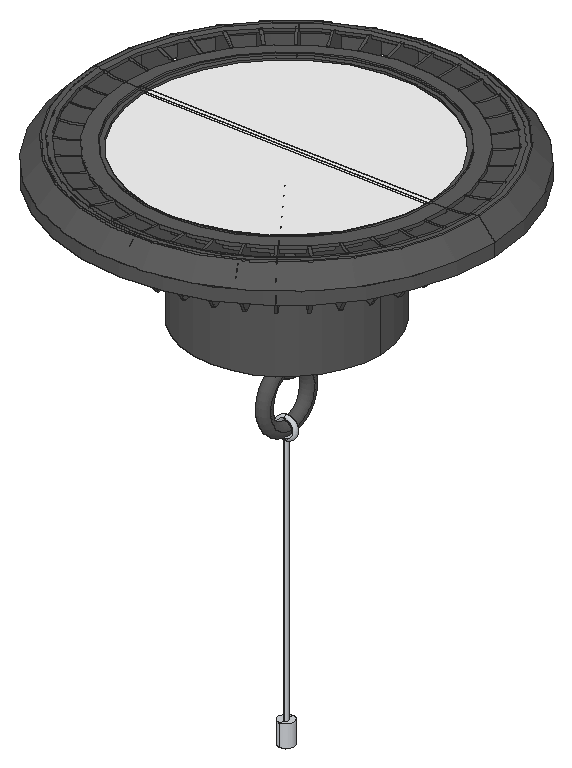
Revit family "0039362 Sylvania Lighting Fixture START HighBay IP65 DALI 13000lm 840 MB pendant", category Lighting Fixtures, host Face, Revit 2017
Family settings
  Host = Face
  Round Connector Dimension = Use Diameter
  Part Type = Normal
  OmniClass Number = 23.80.70.00
  OmniClass Title = Lighting
  Cut with Voids When Loaded = No
  Light Source = Yes
  Shared = No
  Room Calculation Point = No
Parameters (values of type "0039362 START HighBay IP65 DALI 13000lm 840 MB")
  WidthStraight_FEILO = if(SizeS_FEILO, 3 mm, if(SizeM_FEILO, 4 mm, 4.7 mm))  # 3 mm
  WidthRingChamfer_FEILO = if(SizeS_FEILO, 10.3 mm, if(SizeM_FEILO, 11.2 mm, 12.9 mm))  # 10.3 mm
  WidthCurved_FEILO = if(SizeS_FEILO, 17.4 mm, if(SizeM_FEILO, 16.4 mm, 26.2 mm))  # 17.4 mm
  WidthCurvedRing_FEILO = if(SizeS_FEILO, 3 mm, if(SizeM_FEILO, 4 mm, 4.7 mm))  # 3 mm
  WidthBracket_FEILO = 40 mm
  Weight = "3.0 kg"
  Wattage Comments = ""
  Wattage = 90 W
  WarrantyStartDate [instance] = "n/a"
  WarrantyGuarantorParts = "n/a"
  WarrantyDurationUnit = "n/a"
  WarrantyDurationParts = "n/a"
  WarrantyDescription = "n/a"
  built-in parameter 1150110 = 1 (stored number, unit not read)
  Voltage = 0 V
  VisibilityBracket_FEILO = no
  URL = "http://www.sylvania-lighting.com"
  TypeName = "START HighBay IP65 DALI 13000lm 840 MB"
  Type Image = <None>
  Type Comments = "n/a"
  built-in parameter 1114217 = 1 (stored number, unit not read)
  Tilt Angle = -90.00°
  ThicknessWall_FEILO = 1.5 mm
  ThicknessBracket_FEILO = 1.5 mm
  ThicknessBracketHalf_FEILO = ThicknessBracket_FEILO / 2  # 0.75 mm
  built-in parameter 1150109 = 1 (stored number, unit not read)
  built-in parameter 1150134 = 12
  SuspensionHeight_FEILO [instance] = 350 mm
  built-in parameter 1150113 = 1 (stored number, unit not read)
  SizeS_FEILO = yes
  SizeM_FEILO = no
  SerialNumber [instance] = "n/a"
  Rib4_FEILO = if(SizeS_FEILO, 18.1 mm, if(SizeM_FEILO, 13.6 mm, 14.6 mm))  # 18.1 mm
  Rib3_FEILO = if(SizeS_FEILO, 15.3 mm, if(SizeM_FEILO, 17.6 mm, 20.2 mm))  # 15.3 mm
  Rib2_FEILO = if(SizeS_FEILO, 3.6 mm, if(SizeM_FEILO, 3.9 mm, 4.5 mm))  # 3.6 mm
  Rib1_FEILO = if(SizeS_FEILO, 15.1 mm, if(SizeM_FEILO, 16.5 mm, 19 mm))  # 15.1 mm
  RadiusDiffuser_FEILO = if(SizeS_FEILO, 95.2 mm, if(SizeM_FEILO, 105.3 mm, 120 mm))  # 95.2 mm
  RadiusArrayPost_FEILO = DriverRadius_FEILO - 6 mm  # 55.4 mm
  RHRadius3_FEILO = if(SizeS_FEILO, 6.6 mm, if(SizeM_FEILO, 7.4 mm, 8.6 mm))  # 6.6 mm
  RHRadius2_FEILO = if(SizeS_FEILO, 11 mm, if(SizeM_FEILO, 12 mm, 14 mm))  # 11 mm
  RHRadius1_FEILO = if(SizeS_FEILO, 13.6 mm, if(SizeM_FEILO, 14.9 mm, 17.7 mm))  # 13.6 mm
  RHHeight4_FEILO = if(SizeS_FEILO, 7.3 mm, if(SizeM_FEILO, 8 mm, 9.2 mm))  # 7.3 mm
  RHHeight3_FEILO = if(SizeS_FEILO, 3.6 mm, if(SizeM_FEILO, 3.7 mm, 4.6 mm))  # 3.6 mm
  RHHeight2_FEILO = if(SizeS_FEILO, 2 mm, if(SizeM_FEILO, 2.2 mm, 2.6 mm))  # 2 mm
  RHHeight1_FEILO = if(SizeS_FEILO, 11.8 mm, if(SizeM_FEILO, 15.3 mm, 17.4 mm))  # 11.8 mm
  Photometric Web File = "0039362.ies"
  Material_3_FEILO = LED-Sylvania-StartHighbay-Glow
  PowerFactor = 0.95
  PowerConsumption = "90 W"
  NominalLength = 270 mm
  NominalHeight = 175 mm
  NominalDepth = 270 mm
  Name = "START HighBay IP65 DALI 13000lm 840 MB"
  ModelReference = Name  # "START HighBay IP65 DALI 13000lm 840 MB"
  ModelNumber = "0039362"
  Model = Name  # "START HighBay IP65 DALI 13000lm 840 MB"
  Material = "aluminium alloy housing, polycarbonate diffuser"
  ManufacturerName = "Feilo Sylvania"
  Manufacturer = "Feilo Sylvania"
  LuminousEfficacy = "130 lm/W"
  built-in parameter 1150105 = 931.06 (stored number, unit not read)
  Lumens = 11700 lm
  LuminaireType = ""
  built-in parameter 1150115 = 1 (stored number, unit not read)
  LightOutputRatio = "n/a"
  built-in parameter 1150137 = (empty or 0)
  built-in parameter 1150139 = (empty or 0)
  LampsType = Lamp  # "LED"
  LampNominalLuminous = "11700 lm"
  LampMacAdamStep = "6"
  LampColourTemperature = "4000 K"
  LampColourRenderingIndex = "80"
  built-in parameter 1150112 = 1 (stored number, unit not read)
  built-in parameter 1150114 = 1 (stored number, unit not read)
  Lamp = "LED"
  Keynote = "16500"
  InstallationDate [instance] = "n/a"
  InputVoltage = "n/a"
  InputNominalFrequency = "50/60 Hz"
  built-in parameter 1150132 = (empty or 0)
  built-in parameter 1150102 = (empty or 0)
  built-in parameter 1150107 = 4000 (stored number, unit not read)
  built-in parameter 1150138 = (empty or 0)
  IngressProtection = "IP65"
  ImpactProtectionIndex = "IK08"
  built-in parameter 1150106 = 9.3106 (stored number, unit not read)
  IfcExportType = "IfcLightFixtureType"
  IfcExportAs = "IfcLightFixtureType"
  HeightRing_FEILO = if(SizeS_FEILO, 19.8 mm, if(SizeM_FEILO, 32 mm, 36.8 mm))  # 19.8 mm
  HeightRingChamfer_FEILO = if(SizeS_FEILO, 11.7 mm, if(SizeM_FEILO, 23.2 mm, 26.6 mm))  # 11.7 mm
  EyeThickness_FEILO = if(SizeS_FEILO, 8.4 mm, if(SizeM_FEILO, 9.2 mm, 10.5 mm))  # 8.4 mm
  EyeThicknessHalf_FEILO = EyeThickness_FEILO / 2  # 4.2 mm
  EyeInner_FEILO = if(SizeS_FEILO, 13.8 mm, if(SizeM_FEILO, 15.1 mm, 17.3 mm))  # 13.8 mm
  ExpectedLife = 50000
  Emit from Circle Diameter = RadiusDiffuser_FEILO * 2  # 190.4 mm
  Emit Shape Visible in Rendering = no
  ElectricShockClassification = "Class I"
  built-in parameter 1150104 = 12.077 (stored number, unit not read)
  DurationUnit = "hours"
  DriverVerticalStraight_FEILO = if(SizeS_FEILO, 46.5 mm, if(SizeM_FEILO, 49.7 mm, 57 mm))  # 46.5 mm
  DriverVerticalChamfer_FEILO = if(SizeS_FEILO, 7.5 mm, if(SizeM_FEILO, 8.2 mm, 9.5 mm))  # 7.5 mm
  DriverRadius_FEILO = if(SizeS_FEILO, 61.4 mm, if(SizeM_FEILO, 67.2 mm, 76.4 mm))  # 61.4 mm
  DriverRadiusTop_FEILO = if(SizeS_FEILO, 42 mm, if(SizeM_FEILO, 45.3 mm, 52.4 mm))  # 42 mm
  DriverBottom_FEILO = if(SizeS_FEILO, 56 mm, if(SizeM_FEILO, 64.5 mm, 74 mm))  # 56 mm
  DocumentationLiterature = "http://www.sylvania-lighting.com/product/en-int/products/0039362"
  DimmingControlOptions = "Dimmable"
  Material_2_FEILO = Diffuser-Sylvania-StartHighbay-Transparent
  Radius_FEILO = if(SizeS_FEILO, 135 mm, if(SizeM_FEILO, 148 mm, 169.5 mm))  # 135 mm
  Dimming Lamp Color Temperature Shift = <None>
  DiameterWire_FEILO = 3 mm
  DiameterWireSupport_FEILO = 10 mm
  Description = "START Highbay, includes 1 m cables, black aluminium housing, 11,700 Lm, 90 W, 130 Lm/W, 4000 K, drive current: 2000 mA, CRI 80, 60° beam angle, DALI dimmable, IP65, IK08, 50,000 hrs (L80/B50), (D x H) 270 x 175 mm."
  Default Elevation = 1219.2 mm
  CreatedOn = "5/15/2018"
  CreatedBy = ""
  Cost = 0
  Color Filter = 16777215
  built-in parameter 1114216 [instance] = (empty or 0)
  ClassificationValue = "EF_70_80"
  ClassificationName = "Uniclass2015"
  Material_1_FEILO = Body-Sylvania-StartHighbay-Black
  BarCode [instance] = "n/a"
  built-in parameter 1114218 = 1 (stored number, unit not read)
  built-in parameter 1150133 = 10 (stored number, unit not read)
  AssetType = "Fixed"
  AssetIdentifier [instance] = "n/a"
  Assembly Code = "D5020200"
  Apparent Load = 90 VA
  Material_4_FEILO = none
Reference planes
  plane 1 "Center (Front/Back)": y = 0
  plane 2: z = 0
  plane 3 "Center (Left/Right)": x = 0
  plane 4: z = 350
  plane 5: x = -135
  plane 6: x = -124.7
  plane 7: z = 338.3
  plane 8: z = 330.2
  plane 9: x = -121.7
  plane 10: z = 347.375
  plane 11: x = -104.3
  plane 12: x = -95.2
  plane 13: x = -118.7
  plane 14: z = 348.375
  plane 15: z = 346.375
  plane 16: x = -92.2
  plane 17: z = 345.375
  plane 18: x = -133.5
  plane 19: x = -119.9
  plane 20: z = 326.6
  plane 21: x = -104.6
  plane 22: z = 308.5
  plane 23: x = -20
  plane 24: z = 294
  plane 25: x = -61.4
  plane 26: z = 247.5
  plane 27: x = -42
  plane 28: z = 240
  plane 29: x = -13.6
  plane 30: z = 228.2
  plane 31: z = 226.2
  plane 32: x = -11
  plane 33: z = 222.6
  plane 34: z = 215.3
  plane 35: x = -6.6
  plane 36: z = 201.5
  plane 37: z = 187.7
  plane 38: x = 4.2
  plane 39: x = -4.2
  plane 40: z = 179.3
  plane 41: z = 183.5
  plane 42: x = -129.1
  plane 43: x = -132.5
  plane 44: z = 328.7
  plane 45: x = -123.2
  plane 46: z = 270.75
  plane 47: y = -20
  plane 48: y = 20
  plane 49: x = 135
  plane 50: x = 124.7
  plane 51: x = 133.5
  plane 52: x = 129.1
  plane 53: x = 132.5
  plane 54: x = 123.2
  plane 55: z = 190.7
  plane 56: y = 1.5
  plane 57: y = -1.5
  plane 58: z = 189.2
  plane 59: z = 177.8
  plane 60: z = 176.3
  plane 61: y = -5
  plane 62: y = 5
  plane 63: z = 14
Forms (mm)
  Revolve 1, solid, material "Body-Sylvania-StartHighbay-Black" <- "Material_1_FEILO", detail levels medium+fine
    sketch origin (0, 0, 0) x (1, 0, 0) y (0, 0, 1)
      loop
        line (-135, 330.2) -> (-133.5, 330.2) -> (-133.5, 337.734) -> (-125.012, 347.375) -> (-118.7, 347.375) -> (-118.7, 349.16)
        arc (-118.7, 349.16) -> (-120.206, 349.56) -> (-121.7, 350) r 58.981
        line (-121.7, 350) -> (-124.241, 350)
        arc (-124.241, 350) -> (-124.657, 349.911) -> (-124.999, 349.66) r 1.015
        line (-124.999, 349.66) -> (-135, 338.3) -> (-135, 330.2)
      axis (0, 350) -> (0, 330.2)
    angle from 360 to 0
  Revolve 2, solid, material "Body-Sylvania-StartHighbay-Black" <- "Material_1_FEILO", detail levels medium+fine
    sketch origin (0, 0, 0) x (1, 0, 0) y (0, 0, 1)
      loop
        line (-104.3, 345.375) -> (-95.2, 345.375) -> (-95.2, 338.3) -> (0, 338.3) -> (0, 345.375) -> (-92.2, 345.375) -> (-92.2, 346.375) -> (-95.2, 346.375) -> (-95.2, 347.375) -> (-104.3, 347.375) -> (-104.3, 345.375)
      axis (0, 347.375) -> (0, 338.3)
    angle from 360 to 0
  Revolve 3, solid, material "Diffuser-Sylvania-StartHighbay-Transparent" <- "Material_2_FEILO", detail levels medium+fine
    sketch origin (0, 0, 0) x (1, 0, 0) y (0, 0, 1)
      loop
        line (-95.2, 346.375) -> (0, 346.375) -> (0, 348.375) -> (-95.2, 348.375) -> (-95.2, 346.375)
      axis (0, 348.375) -> (0, 346.375)
    angle from 360 to 0
  Revolve 4, solid, material "Body-Sylvania-StartHighbay-Black" <- "Material_1_FEILO"
    sketch origin (0, 0, 0) x (1, 0, 0) y (0, 0, 1)
      loop
        line (-61.4, 308.5) -> (-61.4, 247.5) -> (-42, 240) -> (-13.6, 240) -> (-13.6, 228.2) -> (-11, 226.2) -> (-11, 222.6) -> (-7.037, 216.026)
        arc (-7.037, 216.026) -> (-6.49, 215.494) -> (-5.753, 215.3) r 1.5
        line (-5.753, 215.3) -> (0, 215.3) -> (0, 308.5) -> (-61.4, 308.5)
      axis (0, 308.5) -> (0, 215.3)
    angle from 360 to 0
  Revolve 5, solid, material "Body-Sylvania-StartHighbay-Black" <- "Material_1_FEILO"
    sketch origin (0, 0, 0) x (1, 0, 0) y (0, 0, 1)
      loop
        circle (0, 183.5) r 4.2
      axis (4.2, 201.5) -> (-4.2, 201.5)
    angle from 360 to 0
  Extrusion 6, solid, material "Body-Sylvania-StartHighbay-Black" <- "Material_1_FEILO", visible <- "VisibilityBracket_FEILO"
    sketch origin (0, 0, 0) x (1, 0, 0) y (0, 0, 1)
      loop
        line (-132.5, 330.2) -> (-132.5, 328.7) -> (-125.45, 328.7)
        arc (-125.45, 328.7) -> (-124.92, 328.48) -> (-124.7, 327.95) r 0.75
        line (-124.7, 327.95) -> (-124.7, 270.75) -> (-123.2, 270.75) -> (-123.2, 328.7)
        arc (-123.2, 328.7) -> (-123.639, 329.761) -> (-124.7, 330.2) r 1.5
        line (-124.7, 330.2) -> (-132.5, 330.2)
      loop
        line (132.5, 330.2) -> (124.7, 330.2)
        arc (124.7, 330.2) -> (123.639, 329.761) -> (123.2, 328.7) r 1.5
        line (123.2, 328.7) -> (123.2, 270.75) -> (124.7, 270.75) -> (124.7, 327.95)
        arc (124.7, 327.95) -> (124.92, 328.48) -> (125.45, 328.7) r 0.75
        line (125.45, 328.7) -> (132.5, 328.7) -> (132.5, 330.2)
    from -20 to 20
  Extrusion 7, void
    sketch origin (0, 0, 0) x (0, 1, 0) y (0, 0, 1)
      loop
        arc (-10, 270.75) -> (-17.071, 273.679) -> (-20, 280.75) r 10
        line (-20, 280.75) -> (-25, 280.75) -> (-25, 265.75) -> (-10, 265.75) -> (-10, 270.75)
      loop
        line (10, 270.75) -> (10, 265.75) -> (25, 265.75) -> (25, 280.75) -> (20, 280.75)
        arc (20, 280.75) -> (17.071, 273.679) -> (10, 270.75) r 10
    from -124.7 to 124.7
  Revolve 8, solid, material "Body-Sylvania-StartHighbay-Black" <- "Material_1_FEILO", detail levels coarse
    sketch origin (0, 0, 0) x (1, 0, 0) y (0, 0, 1)
      loop
        line (0, 350) -> (-124.7, 350) -> (-135, 338.3) -> (-135, 330.2) -> (-119.9, 330.2) -> (-119.9, 326.6) -> (-104.6, 308.5) -> (0, 308.5) -> (0, 350)
      axis (0, 350) -> (0, 308.5)
    angle from 360 to 0
  Revolve 9, solid
    sketch origin (0, 0, 0) x (0, 1, 0) y (0, 0, 1)
      loop
        circle (0, 189.2) r 1.5
      axis (1.5, 183.5) -> (-1.5, 183.5)
    angle from 360 to 0
  Revolve 10, solid
    sketch origin (0, 0, 0) x (0, 1, 0) y (0, 0, 1)
      loop
        line (0, 0) -> (0, 177.8) -> (-1.5, 177.8) -> (-1.5, 14) -> (-5, 14) -> (-5, 0) -> (0, 0)
      axis (0, 0) -> (0, 177.8)
    angle from 360 to 0
Cuts and joins
  Extrusion 7 cuts Extrusion 6
Lines and regions (mm)
  reference lines
    curve 1: line (-135, 0, 338.3) -> (-124.7, 0, 350)
    curve 2: line (-104.3, 0, 347.375) -> (0, 0, 347.375)
    curve 3: arc (-104.3, 0, 347.375) -> (-113.098, 0, 348.035) -> (-121.7, 0, 350) r 58.981
    curve 4: line (-124.7, 0, 350) -> (-121.7, 0, 350)
    curve 5: line (-125.012, 0, 347.375) -> (-133.5, 0, 337.734)
    curve 6: line (-119.9, 0, 326.6) -> (-104.6, 0, 308.5)
    curve 7: line (-11, 0, 222.6) -> (-6.6, 0, 215.3)
    curve 8: circle (0, 0, 183.5) r 4.2 normal (0, -1, 0)
Dimensions and locks
  "Radius_FEILO": plane 3 "Center (Left/Right)" to plane 5
  "WidthRingChamfer_FEILO": plane 6 to plane 5
  "WidthStraight_FEILO": plane 9 to plane 6
  "WidthCurvedRing_FEILO": plane 13 to plane 9
  locked: plane 10 to plane 15 at 1
  locked: plane 14 to plane 10 at 1
  locked: plane 4 to plane 10 at 2.625
  locked: plane 15 to plane 17 at 1
  "ThicknessWall_FEILO": plane 18 to plane 5
  "ThicknessWall_FEILO": curve 5 to curve 1
  "HeightRingChamfer_FEILO": plane 4 to plane 7
  "HeightRing_FEILO": plane 4 to plane 8
  "RadiusDiffuser_FEILO": plane 3 "Center (Left/Right)" to plane 12
  locked: plane 16 to plane 12 at 3
  "WidthCurved_FEILO": plane 11 to plane 9
  "SuspensionHeight_FEILO": plane 4 to plane 2
  "Rib1_FEILO": plane 19 to plane 5
  "Rib2_FEILO": plane 8 to plane 20
  "Rib3_FEILO": plane 21 to plane 19
  "Rib4_FEILO": plane 20 to plane 22
  locked: plane 3 "Center (Left/Right)" to plane 23 at 20
  "DriverBottom_FEILO": plane 4 to plane 24
  "DriverRadius_FEILO": plane 3 "Center (Left/Right)" to plane 25
  "DriverVerticalStraight_FEILO": plane 24 to plane 26
  "DriverRadiusTop_FEILO": plane 3 "Center (Left/Right)" to plane 27
  "DriverVerticalChamfer_FEILO": plane 26 to plane 28
  "RHRadius1_FEILO": plane 3 "Center (Left/Right)" to plane 29
  "RHHeight2_FEILO": plane 30 to plane 31
  "RHRadius2_FEILO": plane 3 "Center (Left/Right)" to plane 32
  "RHHeight3_FEILO": plane 31 to plane 33
  "RHHeight4_FEILO": plane 33 to plane 34
  "RHRadius3_FEILO": plane 3 "Center (Left/Right)" to plane 35
  "RHHeight1_FEILO": plane 28 to plane 30
  "EyeInner_FEILO": plane 34 to plane 36
  "EyeInner_FEILO": plane 36 to plane 37
  equal spacing: plane 38, plane 3 "Center (Left/Right)", plane 39
  "EyeThickness_FEILO": plane 38 to plane 39
  "EyeThickness_FEILO": plane 37 to plane 40
  equal spacing: plane 37, plane 41, plane 40
  equal spacing: plane 6, plane 42, plane 18
  "ThicknessBracket_FEILO": plane 45 to plane 6
  "ThicknessBracket_FEILO": plane 8 to plane 44
  locked: plane 43 to plane 18 at 1
  equal spacing: plane 24, plane 46, plane 26
  equal spacing: plane 47, plane 1 "Center (Front/Back)", plane 48
  "WidthBracket_FEILO": plane 47 to plane 48
  "WidthRingChamfer_FEILO": plane 50 to plane 49
  "ThicknessWall_FEILO": plane 51 to plane 49
  equal spacing: plane 50, plane 52, plane 51
  "ThicknessBracket_FEILO": plane 54 to plane 50
  locked: plane 53 to plane 51 at 1
  "Radius_FEILO": plane 49 to plane 3 "Center (Left/Right)"
  equal spacing: plane 57, imposter light, plane 56
  "DiameterWire_FEILO": plane 57 to plane 56
  "DiameterWire_FEILO": plane 37 to plane 55
  equal spacing: plane 37, plane 58, plane 55
  "DiameterWire_FEILO": plane 60 to plane 40
  equal spacing: plane 60, plane 59, plane 40
  equal spacing: plane 61, plane 1 "Center (Front/Back)", plane 62
  "DiameterWireSupport_FEILO": plane 61 to plane 62
  locked: plane 63 to plane 2 at 14
  "EyeThicknessHalf_FEILO": radius of curve 8
  "ThicknessBracket_FEILO": radius of Extrusion 6 sketch curve  (x2)
  "ThicknessBracketHalf_FEILO": radius of Extrusion 6 sketch curve  (x2)
  "DiameterWire_FEILO": diameter of Revolve 9 sketch curve
  aligned and locked: plane 2 to host face
  aligned and locked: level to host face
  aligned and locked: plane 5 to curve 1
  aligned and locked: plane 6 to curve 1
  aligned and locked: plane 7 to curve 1
  aligned and locked: plane 10 to curve 2
  aligned and locked: plane 9 to curve 3
  aligned and locked: plane 4 to curve 3
  aligned and locked: plane 11 to curve 3
  aligned and locked: plane 4 to curve 4
  aligned and locked: plane 18 to curve 5
  aligned and locked: plane 10 to curve 5
  aligned and locked: Revolve 1 sketch curve to plane 3 "Center (Left/Right)"
  aligned and locked: Revolve 1 sketch curve to curve 3
  aligned and locked: Revolve 1 sketch curve to curve 1
  aligned and locked: plane 4 to Revolve 1 sketch curve
  aligned and locked: plane 9 to Revolve 1 sketch curve
  aligned and locked: Revolve 1 sketch curve to plane 13
  aligned and locked: Revolve 1 sketch curve to plane 10
  aligned and locked: plane 13 to Revolve 1 sketch curve
  aligned and locked: plane 10 to Revolve 1 sketch curve
  aligned and locked: Revolve 1 sketch curve to plane 18
  aligned and locked: Revolve 1 sketch curve to plane 8
  aligned and locked: plane 5 to Revolve 1 sketch curve  (x2)
  aligned and locked: Revolve 2 sketch curve to plane 3 "Center (Left/Right)"
  aligned and locked: plane 11 to Revolve 2 sketch curve
  aligned and locked: Revolve 2 sketch curve to curve 2
  aligned and locked: plane 15 to Revolve 2 sketch curve
  aligned and locked: Revolve 2 sketch curve to plane 16
  aligned and locked: plane 17 to Revolve 2 sketch curve  (x2)
  aligned and locked: Revolve 2 sketch curve to plane 12
  aligned and locked: plane 7 to Revolve 2 sketch curve
  aligned and locked: Revolve 3 sketch curve to plane 3 "Center (Left/Right)"
  aligned and locked: Revolve 3 sketch curve to plane 14
  aligned and locked: plane 3 "Center (Left/Right)" to Revolve 3 sketch curve
  aligned and locked: Revolve 3 sketch curve to plane 12
  aligned and locked: plane 15 to Revolve 3 sketch curve
  aligned and locked: Revolve 1 sketch curve to curve 5
  aligned and locked: plane 22 to curve 6
  aligned and locked: plane 21 to curve 6
  aligned and locked: plane 20 to curve 6
  aligned and locked: plane 19 to curve 6
  aligned and locked: plane 33 to curve 7
  aligned and locked: plane 32 to curve 7
  aligned and locked: plane 35 to curve 7
  aligned and locked: plane 34 to curve 7
  aligned and locked: Revolve 4 sketch curve to plane 3 "Center (Left/Right)"
  aligned and locked: Revolve 4 sketch curve to plane 25
  aligned and locked: plane 27 to Revolve 4 sketch curve
  aligned and locked: plane 28 to Revolve 4 sketch curve
  aligned and locked: plane 30 to Revolve 4 sketch curve
  aligned and locked: Revolve 4 sketch curve to plane 29
  aligned and locked: plane 31 to Revolve 4 sketch curve
  aligned and locked: Revolve 4 sketch curve to curve 7
  aligned and locked: Revolve 4 sketch curve to plane 32
  aligned and locked: plane 34 to Revolve 4 sketch curve
  aligned and locked: plane 3 "Center (Left/Right)" to Revolve 4 sketch curve
  aligned and locked: plane 3 "Center (Left/Right)" to curve 8
  aligned and locked: plane 41 to curve 8
  aligned and locked: Revolve 5 sketch curve to plane 36
  aligned and locked: Revolve 5 sketch curve to curve 8
  aligned and locked: plane 43 to Extrusion 6 sketch curve  (x2)
  aligned and locked: plane 8 to Extrusion 6 sketch curve  (x3)
  aligned and locked: Extrusion 6 sketch curve to plane 45
  aligned and locked: Extrusion 6 sketch curve to plane 46  (x2)
  aligned and locked: plane 6 to Extrusion 6 sketch curve
  aligned and locked: Extrusion 6 sketch curve to plane 44  (x2)
  aligned and locked: Extrusion 6 to plane 48
  aligned and locked: plane 47 to Extrusion 6
  aligned and locked: plane 53 to Extrusion 6 sketch curve
  aligned and locked: plane 50 to Extrusion 6 sketch curve
  aligned and locked: Extrusion 6 sketch curve to plane 54
  aligned and locked: Extrusion 7 sketch curve to Extrusion 7 sketch curve
  aligned and locked: Extrusion 7 to plane 6
  aligned and locked: Extrusion 7 to Extrusion 6
  aligned and locked: Revolve 4 sketch curve to plane 22
  aligned and locked: plane 23 to nested 1
  aligned and locked: plane 1 "Center (Front/Back)" to nested 1
  aligned and locked: Revolve 8 sketch curve to plane 3 "Center (Left/Right)"
  aligned and locked: Revolve 8 sketch curve to plane 4
  aligned and locked: plane 6 to Revolve 8 sketch curve
  aligned and locked: plane 4 to Revolve 8 sketch curve
  aligned and locked: plane 7 to Revolve 8 sketch curve
  aligned and locked: Revolve 8 sketch curve to plane 5
  aligned and locked: plane 8 to Revolve 8 sketch curve  (x2)
  aligned and locked: Revolve 8 sketch curve to plane 19
  aligned and locked: plane 20 to Revolve 8 sketch curve
  aligned and locked: plane 19 to Revolve 8 sketch curve
  aligned and locked: plane 21 to Revolve 8 sketch curve
  aligned and locked: plane 22 to Revolve 8 sketch curve  (x2)
  aligned and locked: Revolve 8 sketch curve to Revolve 8 sketch curve
  aligned and locked: imposter light to plane 4
  aligned and locked: plane 3 "Center (Left/Right)" to imposter light
  aligned and locked: imposter light to plane 1 "Center (Front/Back)"
  aligned and locked: Revolve 9 sketch curve to plane 41
  aligned and locked: Revolve 10 sketch curve to plane 1 "Center (Front/Back)"
  aligned and locked: plane 1 "Center (Front/Back)" to Revolve 10 sketch curve  (x2)
  aligned and locked: host face to Revolve 10 sketch curve
  aligned and locked: plane 63 to Revolve 10 sketch curve
  aligned and locked: Revolve 10 sketch curve to plane 61
  aligned and locked: Revolve 10 sketch curve to plane 57
  aligned and locked: plane 59 to Revolve 10 sketch curve
Automatic sketch dimensions
  host sketch curve to host sketch curve = 2438.4 mm  (x2)
  curve 2 to plane 3 "Center (Left/Right)" = 0 mm
  Revolve 1 sketch curve to plane 6 = 0.299 mm
  plane 6 to Revolve 1 sketch curve = 0.459 mm
  Revolve 1 sketch curve to level = 609.6 mm
  Revolve 1 sketch curve to Revolve 1 sketch curve = 2312.223 mm
  Revolve 2 sketch curve to plane 12 = 0 mm
  Revolve 2 sketch curve to plane 3 "Center (Left/Right)" = 0 mm
  Revolve 2 sketch curve to level = 609.6 mm
  Revolve 2 sketch curve to plane 4 = 2339.058 mm
  Revolve 3 sketch curve to level = 609.6 mm
  Revolve 3 sketch curve to plane 4 = 2339.058 mm
  Revolve 5 sketch curve to plane 5 = 1080 mm
  plane 38 to Revolve 5 sketch curve = 1219.2 mm
  Extrusion 7 sketch curve to plane 47 = 0 mm
  plane 46 to Extrusion 7 sketch curve = 0 mm  (x2)
  Extrusion 7 sketch curve to plane 48 = 0 mm
  plane 47 to Extrusion 7 sketch curve = 5 mm
  plane 1 "Center (Front/Back)" to Extrusion 7 sketch curve = 10 mm
  Extrusion 7 sketch curve to Extrusion 7 sketch curve = 10 mm
  plane 46 to Extrusion 7 sketch curve = 5 mm
  Extrusion 7 sketch curve to Extrusion 7 sketch curve = 5 mm
  Extrusion 7 sketch curve to plane 48 = 5 mm
  Revolve 4 sketch curve to plane 26 = 0 mm
  Revolve 4 sketch curve to plane 35 = 0.437 mm
  plane 35 to Revolve 4 sketch curve = 0.847 mm
  Revolve 4 sketch curve to plane 34 = 0.726 mm
  plane 40 to Revolve 4 sketch curve = 590.2 mm
  Revolve 4 sketch curve to plane 4 = 2339.058 mm
  Revolve 8 sketch curve to level = 609.6 mm
  Revolve 8 sketch curve to Revolve 8 sketch curve = 2386.058 mm
  Revolve 9 sketch curve to plane 1 "Center (Front/Back)" = 0 mm
  plane 58 to Revolve 9 sketch curve = 0 mm
  plane 47 to Revolve 9 sketch curve = 2534.941 mm
  Revolve 9 sketch curve to plane 48 = 2077.409 mm
  Revolve 10 sketch curve to Revolve 10 sketch curve = 609.6 mm
  Revolve 10 sketch curve to plane 4 = 2123.807 mm
Nested families
  nested 1: "Start Highbay Rib" at (0, 0, 347.375), type "Type Name", detail levels medium+fine
    with SuspensionHeight_FEILO 2.6 mm
  nested 2: "Start Highbay Rib" at (0, 0, 347.375) x (0.9877, 0.1564, 0) z (0, 0, 1), type "Type Name", detail levels medium+fine
    with SuspensionHeight_FEILO 2.6 mm
  nested 3: "Start Highbay Rib" at (0, 0, 347.375) x (0.9511, 0.309, 0) z (0, 0, 1), type "Type Name", detail levels medium+fine
    with SuspensionHeight_FEILO 2.6 mm
  nested 4: "Start Highbay Rib" at (0, 0, 347.375) x (0.891, 0.454, 0) z (0, 0, 1), type "Type Name", detail levels medium+fine
    with SuspensionHeight_FEILO 2.6 mm
  nested 5: "Start Highbay Rib" at (0, 0, 347.375) x (0.809, 0.5878, 0) z (0, 0, 1), type "Type Name", detail levels medium+fine
    with SuspensionHeight_FEILO 2.6 mm
  nested 6: "Start Highbay Rib" at (0, 0, 347.375) x (0.7071, 0.7071, 0) z (0, 0, 1), type "Type Name", detail levels medium+fine
    with SuspensionHeight_FEILO 2.6 mm
  nested 7: "Start Highbay Rib" at (0, 0, 347.375) x (0.5878, 0.809, 0) z (0, 0, 1), type "Type Name", detail levels medium+fine
    with SuspensionHeight_FEILO 2.6 mm
  nested 8: "Start Highbay Rib" at (0, 0, 347.375) x (0.454, 0.891, 0) z (0, 0, 1), type "Type Name", detail levels medium+fine
    with SuspensionHeight_FEILO 2.6 mm
  nested 9: "Start Highbay Rib" at (0, 0, 347.375) x (0.309, 0.9511, 0) z (0, 0, 1), type "Type Name", detail levels medium+fine
    with SuspensionHeight_FEILO 2.6 mm
  nested 10: "Start Highbay Rib" at (0, 0, 347.375) x (0.1564, 0.9877, 0) z (0, 0, 1), type "Type Name", detail levels medium+fine
    with SuspensionHeight_FEILO 2.6 mm
  nested 11: "Start Highbay Rib" at (0, 0, 347.375) x (0, 1, 0) z (0, 0, 1), type "Type Name", detail levels medium+fine
    with SuspensionHeight_FEILO 2.6 mm
  nested 12: "Start Highbay Rib" at (0, 0, 347.375) x (-0.1564, 0.9877, 0) z (0, 0, 1), type "Type Name", detail levels medium+fine
    with SuspensionHeight_FEILO 2.6 mm
  nested 13: "Start Highbay Rib" at (0, 0, 347.375) x (-0.309, 0.9511, 0) z (0, 0, 1), type "Type Name", detail levels medium+fine
    with SuspensionHeight_FEILO 2.6 mm
  nested 14: "Start Highbay Rib" at (0, 0, 347.375) x (-0.454, 0.891, 0) z (0, 0, 1), type "Type Name", detail levels medium+fine
    with SuspensionHeight_FEILO 2.6 mm
  nested 15: "Start Highbay Rib" at (0, 0, 347.375) x (-0.5878, 0.809, 0) z (0, 0, 1), type "Type Name", detail levels medium+fine
    with SuspensionHeight_FEILO 2.6 mm
  nested 16: "Start Highbay Rib" at (0, 0, 347.375) x (-0.7071, 0.7071, 0) z (0, 0, 1), type "Type Name", detail levels medium+fine
    with SuspensionHeight_FEILO 2.6 mm
  nested 17: "Start Highbay Rib" at (0, 0, 347.375) x (-0.809, 0.5878, 0) z (0, 0, 1), type "Type Name", detail levels medium+fine
    with SuspensionHeight_FEILO 2.6 mm
  nested 18: "Start Highbay Rib" at (0, 0, 347.375) x (-0.891, 0.454, 0) z (0, 0, 1), type "Type Name", detail levels medium+fine
    with SuspensionHeight_FEILO 2.6 mm
  nested 19: "Start Highbay Rib" at (0, 0, 347.375) x (-0.9511, 0.309, 0) z (0, 0, 1), type "Type Name", detail levels medium+fine
    with SuspensionHeight_FEILO 2.6 mm
  nested 20: "Start Highbay Rib" at (0, 0, 347.375) x (-0.9877, 0.1564, 0) z (0, 0, 1), type "Type Name", detail levels medium+fine
    with SuspensionHeight_FEILO 2.6 mm
  nested 21: "Start Highbay Rib" at (0, 0, 347.375) x (-1, 0, 0) z (0, 0, 1), type "Type Name", detail levels medium+fine
    with SuspensionHeight_FEILO 2.6 mm
  nested 22: "Start Highbay Rib" at (0, 0, 347.375) x (-0.9877, -0.1564, 0) z (0, 0, 1), type "Type Name", detail levels medium+fine
    with SuspensionHeight_FEILO 2.6 mm
  nested 23: "Start Highbay Rib" at (0, 0, 347.375) x (-0.9511, -0.309, 0) z (0, 0, 1), type "Type Name", detail levels medium+fine
    with SuspensionHeight_FEILO 2.6 mm
  nested 24: "Start Highbay Rib" at (0, 0, 347.375) x (-0.891, -0.454, 0) z (0, 0, 1), type "Type Name", detail levels medium+fine
    with SuspensionHeight_FEILO 2.6 mm
  nested 25: "Start Highbay Rib" at (0, 0, 347.375) x (-0.809, -0.5878, 0) z (0, 0, 1), type "Type Name", detail levels medium+fine
    with SuspensionHeight_FEILO 2.6 mm
  nested 26: "Start Highbay Rib" at (0, 0, 347.375) x (-0.7071, -0.7071, 0) z (0, 0, 1), type "Type Name", detail levels medium+fine
    with SuspensionHeight_FEILO 2.6 mm
  nested 27: "Start Highbay Rib" at (0, 0, 347.375) x (-0.5878, -0.809, 0) z (0, 0, 1), type "Type Name", detail levels medium+fine
    with SuspensionHeight_FEILO 2.6 mm
  nested 28: "Start Highbay Rib" at (0, 0, 347.375) x (-0.454, -0.891, 0) z (0, 0, 1), type "Type Name", detail levels medium+fine
    with SuspensionHeight_FEILO 2.6 mm
  nested 29: "Start Highbay Rib" at (0, 0, 347.375) x (-0.309, -0.9511, 0) z (0, 0, 1), type "Type Name", detail levels medium+fine
    with SuspensionHeight_FEILO 2.6 mm
  nested 30: "Start Highbay Rib" at (0, 0, 347.375) x (-0.1564, -0.9877, 0) z (0, 0, 1), type "Type Name", detail levels medium+fine
    with SuspensionHeight_FEILO 2.6 mm
  nested 31: "Start Highbay Rib" at (0, 0, 347.375) x (0, -1, 0) z (0, 0, 1), type "Type Name", detail levels medium+fine
    with SuspensionHeight_FEILO 2.6 mm
  nested 32: "Start Highbay Rib" at (0, 0, 347.375) x (0.1564, -0.9877, 0) z (0, 0, 1), type "Type Name", detail levels medium+fine
    with SuspensionHeight_FEILO 2.6 mm
  nested 33: "Start Highbay Rib" at (0, 0, 347.375) x (0.309, -0.9511, 0) z (0, 0, 1), type "Type Name", detail levels medium+fine
    with SuspensionHeight_FEILO 2.6 mm
  nested 34: "Start Highbay Rib" at (0, 0, 347.375) x (0.454, -0.891, 0) z (0, 0, 1), type "Type Name", detail levels medium+fine
    with SuspensionHeight_FEILO 2.6 mm
  nested 35: "Start Highbay Rib" at (0, 0, 347.375) x (0.5878, -0.809, 0) z (0, 0, 1), type "Type Name", detail levels medium+fine
    with SuspensionHeight_FEILO 2.6 mm
  nested 36: "Start Highbay Rib" at (0, 0, 347.375) x (0.7071, -0.7071, 0) z (0, 0, 1), type "Type Name", detail levels medium+fine
    with SuspensionHeight_FEILO 2.6 mm
  nested 37: "Start Highbay Rib" at (0, 0, 347.375) x (0.809, -0.5878, 0) z (0, 0, 1), type "Type Name", detail levels medium+fine
    with SuspensionHeight_FEILO 2.6 mm
  nested 38: "Start Highbay Rib" at (0, 0, 347.375) x (0.891, -0.454, 0) z (0, 0, 1), type "Type Name", detail levels medium+fine
    with SuspensionHeight_FEILO 2.6 mm
  nested 39: "Start Highbay Rib" at (0, 0, 347.375) x (0.9511, -0.309, 0) z (0, 0, 1), type "Type Name", detail levels medium+fine
    with SuspensionHeight_FEILO 2.6 mm
  nested 40: "Start Highbay Rib" at (0, 0, 347.375) x (0.9877, -0.1564, 0) z (0, 0, 1), type "Type Name", detail levels medium+fine
    with SuspensionHeight_FEILO 2.6 mm
Connectors
  electrical at (0, 0, 0), driven by "Apparent Load", driven by "PowerFactor", driven by "Voltage"
    settings: index 1, voltage 0 V, apparent load 90 VA, apparent load phase1 0 VA, apparent load phase2 0 VA, apparent load phase3 0 VA, power factor 0.95, load classification "Lighting", number of poles 1, system type 30, power factor state 1, is connector primary yes, connector utility no, sub classification motor no, connector description ""
Definition of nested family "Start Highbay Rib"
  Parameters (values of type "Type Name")
    WidthStraight_FEILO = if(SizeS_FEILO, 3 mm, if(SizeM_FEILO, 4 mm, 4.7 mm))  # 3 mm
    WidthRingChamfer_FEILO = if(SizeS_FEILO, 10.3 mm, if(SizeM_FEILO, 11.2 mm, 12.9 mm))  # 10.3 mm
    WidthCurved_FEILO = if(SizeS_FEILO, 17.4 mm, if(SizeM_FEILO, 16.4 mm, 26.2 mm))  # 17.4 mm
    WidthCurvedRing_FEILO = if(SizeS_FEILO, 3 mm, if(SizeM_FEILO, 4 mm, 4.7 mm))  # 3 mm
    WidthBracket_FEILO = 40 mm
    URL = "http://www.feilosylvania.com"
    Type Image = (empty or 0)
    Type Comments = "n/a"
    ThicknessWall_FEILO = 1.5 mm
    ThicknessBracket_FEILO = 1.5 mm
    ThicknessBracketHalf_FEILO = ThicknessBracket_FEILO / 2  # 0.75 mm
    SuspensionHeight_FEILO [instance] = 2.6 mm
    SizeS_FEILO = yes
    SizeM_FEILO = no
    Rib4_FEILO = if(SizeS_FEILO, 18.1 mm, if(SizeM_FEILO, 13.6 mm, 14.6 mm))  # 18.1 mm
    Rib3_FEILO = if(SizeS_FEILO, 15.3 mm, if(SizeM_FEILO, 17.6 mm, 20.2 mm))  # 15.3 mm
    Rib2_FEILO = if(SizeS_FEILO, 3.6 mm, if(SizeM_FEILO, 3.9 mm, 4.5 mm))  # 3.6 mm
    Rib1_FEILO = if(SizeS_FEILO, 15.1 mm, if(SizeM_FEILO, 16.5 mm, 19 mm))  # 15.1 mm
    RadiusRib_FEILO = 2 mm
    RadiusDiffuser_FEILO = if(SizeS_FEILO, 95.2 mm, if(SizeM_FEILO, 105.3 mm, 120 mm))  # 95.2 mm
    RHRadius3_FEILO = if(SizeS_FEILO, 6.6 mm, if(SizeM_FEILO, 7.4 mm, 8.6 mm))  # 6.6 mm
    RHRadius2_FEILO = if(SizeS_FEILO, 11 mm, if(SizeM_FEILO, 12 mm, 14 mm))  # 11 mm
    RHRadius1_FEILO = if(SizeS_FEILO, 13.6 mm, if(SizeM_FEILO, 14.9 mm, 17.7 mm))  # 13.6 mm
    RHHeight4_FEILO = if(SizeS_FEILO, 7.3 mm, if(SizeM_FEILO, 8 mm, 9.2 mm))  # 7.3 mm
    RHHeight3_FEILO = if(SizeS_FEILO, 3.6 mm, if(SizeM_FEILO, 3.7 mm, 4.6 mm))  # 3.6 mm
    RHHeight2_FEILO = if(SizeS_FEILO, 2 mm, if(SizeM_FEILO, 2.2 mm, 2.6 mm))  # 2 mm
    RHHeight1_FEILO = if(SizeS_FEILO, 11.8 mm, if(SizeM_FEILO, 15.3 mm, 17.4 mm))  # 11.8 mm
    Material_3_FEILO = none
    Model = ""
    Manufacturer = "Feilo Sylvania"
    Keynote = "16500"
    HeightRing_FEILO = if(SizeS_FEILO, 19.8 mm, if(SizeM_FEILO, 32 mm, 36.8 mm))  # 19.8 mm
    HeightRingChamfer_FEILO = if(SizeS_FEILO, 11.7 mm, if(SizeM_FEILO, 23.2 mm, 26.6 mm))  # 11.7 mm
    EyeThickness_FEILO = if(SizeS_FEILO, 8.4 mm, if(SizeM_FEILO, 9.2 mm, 10.5 mm))  # 8.4 mm
    EyeThicknessHalf_FEILO = EyeThickness_FEILO / 2  # 4.2 mm
    EyeInner_FEILO = if(SizeS_FEILO, 13.8 mm, if(SizeM_FEILO, 15.1 mm, 17.3 mm))  # 13.8 mm
    DriverVerticalStraight_FEILO = if(SizeS_FEILO, 46.5 mm, if(SizeM_FEILO, 49.7 mm, 57 mm))  # 46.5 mm
    DriverVerticalChamfer_FEILO = if(SizeS_FEILO, 7.5 mm, if(SizeM_FEILO, 8.2 mm, 9.5 mm))  # 7.5 mm
    DriverRadius_FEILO = if(SizeS_FEILO, 61.4 mm, if(SizeM_FEILO, 67.2 mm, 76.4 mm))  # 61.4 mm
    DriverRadiusTop_FEILO = if(SizeS_FEILO, 42 mm, if(SizeM_FEILO, 45.3 mm, 52.4 mm))  # 42 mm
    DriverBottom_FEILO = if(SizeS_FEILO, 56 mm, if(SizeM_FEILO, 64.5 mm, 74 mm))  # 56 mm
    Material_2_FEILO = none
    Radius_FEILO = if(SizeS_FEILO, 135 mm, if(SizeM_FEILO, 148 mm, 169.5 mm))  # 135 mm
    Description = ""
    Default Elevation = 1219.2 mm
    Cost = 0
    Material_1_FEILO = none
    Assembly Code = "D5020200"
    Material_4_FEILO = none
  Reference planes
    plane 1 "Center (Front/Back)": y = 0
    plane 2: z = 0
    plane 3 "Center (Left/Right)": x = 0
    plane 4: z = 2.6
    plane 5: x = -135
    plane 6: x = -124.7
    plane 7: z = -9.1
    plane 8: z = -17.2
    plane 9: x = -121.7
    plane 10: z = -0.025
    plane 11: x = -104.3
    plane 12: x = -95.2
    plane 13: x = -118.7
    plane 14: z = 0.975
    plane 15: z = -1.025
    plane 16: x = -92.2
    plane 17: z = -2.025
    plane 18: x = -133.5
    plane 19: x = -119.9
    plane 20: z = -20.8
    plane 21: x = -104.6
    plane 22: z = -38.9
    plane 23: x = -20
    plane 24: z = -53.4
    plane 25: x = -61.4
    plane 26: z = -99.9
    plane 27: x = -42
    plane 28: z = -107.4
    plane 29: x = -13.6
    plane 30: z = -119.2
    plane 31: z = -121.2
    plane 32: x = -11
    plane 33: z = -124.8
    plane 34: z = -132.1
    plane 35: x = -6.6
    plane 36: z = -145.9
    plane 37: z = -159.7
    plane 38: x = 4.2
    plane 39: x = -4.2
    plane 40: z = -168.1
    plane 41: z = -163.9
    plane 42: x = -129.1
    plane 43: x = -132.5
    plane 44: z = -18.7
    plane 45: x = -123.2
    plane 46: z = -76.65
    plane 47: y = -20
    plane 48: y = 20
    plane 49: x = 135
    plane 50: x = 124.7
    plane 51: x = 133.5
    plane 52: x = 129.1
    plane 53: x = 132.5
    plane 54: x = 123.2
    plane 55: y = 0.75
    plane 56: y = -0.75
  Forms (mm)
    Extrusion 1, solid
      sketch origin (4.2, 0, 0) x (1, 0, 0) y (0, 1, 0)
        loop
          line (-1219.2, 1219.2) -> (-1219.2, -1219.2) -> (1219.2, -1219.2) -> (1219.2, 1219.2) -> (-1219.2, 1219.2)
      from 0 to -68.017
    Extrusion 2, solid, material <- "Material_1_FEILO"
      sketch origin (0, 0, 0) x (1, 0, 0) y (0, 0, 1)
        loop
          arc (-104.3, -0.025) -> (-111.555, 0.423) -> (-118.7, 1.76) r 58.981
          line (-118.7, 1.76) -> (-118.7, -0.025) -> (-125.012, -0.025) -> (-133.5, -9.666) -> (-133.5, -17.2) -> (-119.9, -17.2) -> (-119.9, -20.068)
          arc (-119.9, -20.068) -> (-119.778, -20.755) -> (-119.427, -21.359) r 2
          line (-119.427, -21.359) -> (-104.966, -38.467)
          arc (-104.966, -38.467) -> (-104.381, -38.789) -> (-103.723, -38.9) r 2
          line (-103.723, -38.9) -> (-20, -38.9) -> (-20, -9.1) -> (-95.2, -9.1) -> (-95.2, -2.025) -> (-104.3, -2.025) -> (-104.3, -0.025)
      from -0.75 to 0.75
  Lines and regions (mm)
    reference lines
      curve 1: line (-135, 0, -9.1) -> (-124.7, 0, 2.6)
      curve 2: line (-104.3, 0, -0.025) -> (0, 0, -0.025)
      curve 3: arc (-104.3, 0, -0.025) -> (-113.098, 0, 0.635) -> (-121.7, 0, 2.6) r 58.981
      curve 4: line (-124.7, 0, 2.6) -> (-121.7, 0, 2.6)
      curve 5: line (-125.012, 0, -0.025) -> (-133.5, 0, -9.666)
      curve 6: line (-119.9, 0, -20.8) -> (-104.6, 0, -38.9)
  Dimensions and locks
    "Radius_FEILO": plane 3 "Center (Left/Right)" to plane 5
    "WidthRingChamfer_FEILO": plane 6 to plane 5
    "WidthStraight_FEILO": plane 9 to plane 6
    "WidthCurvedRing_FEILO": plane 13 to plane 9
    locked: plane 10 to plane 15 at 1
    locked: plane 14 to plane 10 at 1
    locked: plane 4 to plane 10 at 2.625
    locked: plane 15 to plane 17 at 1
    "ThicknessWall_FEILO": plane 18 to plane 5
    "ThicknessWall_FEILO": curve 5 to curve 1
    "HeightRingChamfer_FEILO": plane 4 to plane 7
    "HeightRing_FEILO": plane 4 to plane 8
    "RadiusDiffuser_FEILO": plane 3 "Center (Left/Right)" to plane 12
    locked: plane 16 to plane 12 at 3
    "WidthCurved_FEILO": plane 11 to plane 9
    "SuspensionHeight_FEILO": plane 4 to plane 2
    "Rib1_FEILO": plane 19 to plane 5
    "Rib2_FEILO": plane 8 to plane 20
    "Rib3_FEILO": plane 21 to plane 19
    "Rib4_FEILO": plane 20 to plane 22
    locked: plane 3 "Center (Left/Right)" to plane 23 at 20
    "DriverBottom_FEILO": plane 4 to plane 24
    "DriverRadius_FEILO": plane 3 "Center (Left/Right)" to plane 25
    "DriverVerticalStraight_FEILO": plane 24 to plane 26
    "DriverRadiusTop_FEILO": plane 3 "Center (Left/Right)" to plane 27
    "DriverVerticalChamfer_FEILO": plane 26 to plane 28
    "RHRadius1_FEILO": plane 3 "Center (Left/Right)" to plane 29
    "RHHeight2_FEILO": plane 30 to plane 31
    "RHRadius2_FEILO": plane 3 "Center (Left/Right)" to plane 32
    "RHHeight3_FEILO": plane 31 to plane 33
    "RHHeight4_FEILO": plane 33 to plane 34
    "RHRadius3_FEILO": plane 3 "Center (Left/Right)" to plane 35
    "RHHeight1_FEILO": plane 28 to plane 30
    "EyeInner_FEILO": plane 34 to plane 36
    "EyeInner_FEILO": plane 36 to plane 37
    equal spacing: plane 38, plane 3 "Center (Left/Right)", plane 39
    "EyeThickness_FEILO": plane 38 to plane 39
    "EyeThickness_FEILO": plane 37 to plane 40
    equal spacing: plane 37, plane 41, plane 40
    equal spacing: plane 6, plane 42, plane 18
    "ThicknessBracket_FEILO": plane 45 to plane 6
    "ThicknessBracket_FEILO": plane 8 to plane 44
    locked: plane 43 to plane 18 at 1
    equal spacing: plane 24, plane 46, plane 26
    equal spacing: plane 47, plane 1 "Center (Front/Back)", plane 48
    "WidthBracket_FEILO": plane 47 to plane 48
    "WidthRingChamfer_FEILO": plane 50 to plane 49
    "ThicknessWall_FEILO": plane 51 to plane 49
    equal spacing: plane 50, plane 52, plane 51
    "ThicknessBracket_FEILO": plane 54 to plane 50
    locked: plane 53 to plane 51 at 1
    "Radius_FEILO": plane 49 to plane 3 "Center (Left/Right)"
    equal spacing: plane 56, plane 1 "Center (Front/Back)", plane 55
    "ThicknessWall_FEILO": plane 56 to plane 55
    "RadiusRib_FEILO": radius of Extrusion 2 sketch curve  (x2)
    aligned and locked: plane 2 to Extrusion 1
    aligned and locked: level to Extrusion 1
    aligned and locked: plane 5 to curve 1
    aligned and locked: plane 6 to curve 1
    aligned and locked: plane 7 to curve 1
    aligned and locked: plane 10 to curve 2
    aligned and locked: plane 9 to curve 3
    aligned and locked: plane 4 to curve 3
    aligned and locked: plane 11 to curve 3
    aligned and locked: plane 4 to curve 4
    aligned and locked: plane 18 to curve 5
    aligned and locked: plane 10 to curve 5
    aligned and locked: plane 22 to curve 6
    aligned and locked: plane 21 to curve 6
    aligned and locked: plane 20 to curve 6
    aligned and locked: plane 19 to curve 6
    aligned and locked: Extrusion 2 sketch curve to plane 23
    aligned and locked: Extrusion 2 sketch curve to plane 22
    aligned and locked: Extrusion 2 sketch curve to curve 6
    aligned and locked: plane 19 to Extrusion 2 sketch curve
    aligned and locked: Extrusion 2 sketch curve to plane 8
    aligned and locked: Extrusion 2 sketch curve to curve 5
    aligned and locked: Extrusion 2 sketch curve to curve 3
    aligned and locked: Extrusion 2 to plane 55
    aligned and locked: plane 56 to Extrusion 2
    aligned and locked: curve 6 to Extrusion 2 sketch curve
  Automatic sketch dimensions
    Extrusion 1 sketch curve to Extrusion 1 sketch curve = 2438.4 mm  (x2)
    curve 2 to plane 3 "Center (Left/Right)" = 0 mm
    Extrusion 2 sketch curve to plane 18 = 0 mm
    Extrusion 2 sketch curve to plane 10 = 0 mm
    Extrusion 2 sketch curve to plane 13 = 0 mm
    Extrusion 2 sketch curve to plane 7 = 0 mm
    Extrusion 2 sketch curve to plane 12 = 0 mm
    Extrusion 2 sketch curve to plane 17 = 0 mm
    plane 19 to Extrusion 2 sketch curve = 0.473 mm
    Extrusion 2 sketch curve to plane 21 = 0.366 mm
